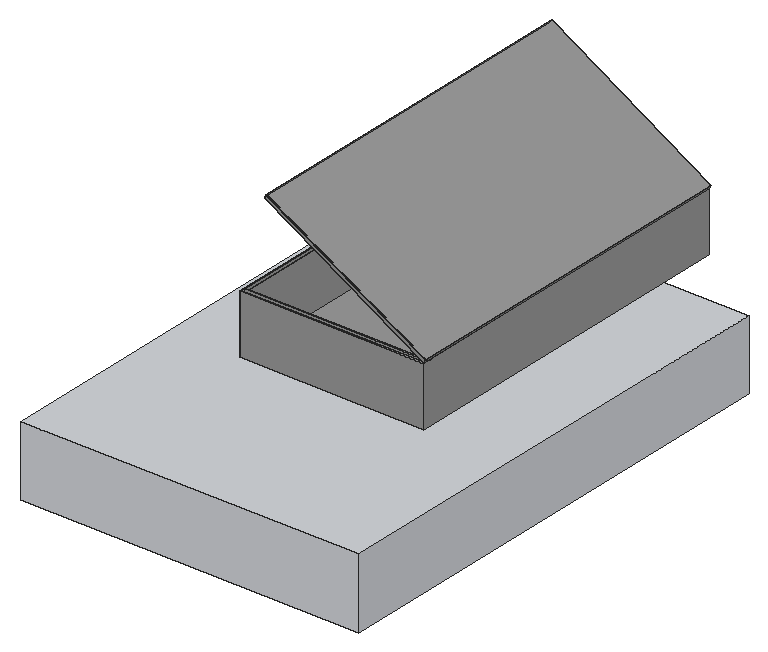
Revit family "Hager-Univers-IP55-D275-H1550-Cl.I-Steel_encl-DE-de", category Equipement électrique, Revit 2020
Family settings
  Hôte = Face
  Configuration du panneau = Deux colonnes, circuits au sein
  Cote de connecteur circulaire = Utiliser le diamètre
  Type d'élément = Tableau de raccordement
  Couper avec des vides une fois chargée = Non
  Partagée = Non
  Point de calcul de pièce = Non
Parameters (values of type "Aufputz IP55 B800 H1550 T275  - FR03E")
  Width Control [instance] = if([EF000008 - Breite] > Min Width, [EF000008 - Breite], Min Width)  # 800 mm
  Commentaires du type = [HG000003 - Bereich]  # "Univers"
  Thickness Door [instance] = if([EF009171 - Materialstärke Tür/Deckel] > 3 mm, 3 mm, [EF009171 - Materialstärke Tür/Deckel])  # 1.5 mm
  Seal Frame Offset [instance] = 17 mm  # constant formula
  Plinth Visibility [instance] = [HG000027 - Sockelhöhe] > 0 mm  # no
  Model = ""
  Min Width [instance] = 100 mm  # constant formula
  Min Height [instance] = 100 mm  # constant formula
  Min Depth [instance] = (2 * [EF009170 - Materialstärke Gehäuse]) + 1 mm  # 4 mm
  Internal Frame Depth [instance] = (Door System Depth * 0.5)  # 9 mm
  Height Control [instance] = if([EF000040 - Höhe] > Min Height, [EF000040 - Höhe], Min Height)  # 1550 mm
  HG000027 - Sockelhöhe = 0 mm
  HG000026 - Stehend auf dem Boden = no
  HG000024 - Höhe des unteren Teils = 800 mm
  HG000023 - Gehäuse mit doppeltem Querschnitt = no
  HG000016 - 3D-Türsichtbarkeit [instance] = yes
  HG000015 - Sichtbarkeit der Türöffnung [instance] = no
  HG000014 - Tür rechts [instance] = yes
  HG000013 - Tür links [instance] = not([HG000014 - Tür rechts])  # no
  HG000012 - Türschwenkwinkel [instance] = 30.00°
  HG000010 - Asymmetrische Türen = no
  HG000009 - Doppelflügeligen Tür = no
  HG000006 - Unterputz = no
  HG000004 - Herstellerreferenz = "FR03E"
  HG000003 - Bereich = "Univers"
  HG000002 - Mit tür = yes
  Frame Offset Bottom [instance] = 10 mm  # constant formula
  Frame Offset [instance] = 15 mm  # constant formula
  EF015940 - Deckel mit Überdruckentlastung = no
  EF011959 - Schutzart (NEMA) = ""
  EF009554 - Anzahl der Öffnungen für Flanschplatten = 6
  Fabricant = "Hager"  # constant formula
  EF009212 - Ausführung Deckel = "EV000116 - geschlossen"
  EF009171 - Materialstärke Tür/Deckel = 1.5 mm
  EF009170 - Materialstärke Gehäuse = 1.5 mm
  EF008873 - Nennstrom (In) = 800 A
  EF007800 - Geeignet für Blitzschutz = no
  EF006306 - Mit Schloss = no
  EF006244 - Transparenter Deckel/Tür = no
  EF005474 - Schutzart (IP) = "EV006420 - IP55"
  EF004464 - Art der Tür = "EV002646 - Einzel"
  EF004427 - Anzahl der Module = 360
  EF004293 - Schlagfestigkeit = "EV008784 - IK10"
  EF003532 - Geeignet für Außengebrauch = no
  EF002950 - Breite in Teilungseinheiten = 24
  EF001613 - Funktionserhalt = "EV000494 - ohne"
  EF001596 - Werkstoff des Gehäuses = "EV000179 - Stahl"
  EF001131 - Innentiefe = 275 mm
  EF001088 - Anbaumöglichkeit = yes
  EF000437 - Anzahl der Leitungseinführungen = 6
  EF000339 - Art der Abdeckung = "EV004216 - Tür"
  EF000266 - Anzahl der Reihen = 10
  EF000218 - Einbautiefe = 0 mm
  EF000118 - Mit Montageplatte = no
  EF000116 - RAL-Nummer = "7035"
  EF000049 - Tiefe = 275 mm
  EF000040 - Höhe = 1550 mm
  EF000008 - Breite = 800 mm
  EF000007 - Farbe = "EV000270 - grau"
  EF000003 - Montageart = "EV000384 - Aufputz"
  Door System Leaf Tolerance [instance] = 1.5 mm  # constant formula
  Door System Depth [instance] = 18 mm  # constant formula
  Door Height [instance] = Height Control - [HG000027 - Sockelhöhe]  # 1550 mm
  Depth Control [instance] = if([EF000049 - Tiefe] > Min Depth, [EF000049 - Tiefe], Min Depth)  # 275 mm
  Default Elevation = 0 mm
  Connector Offset [instance] = Height Control / 2  # 775 mm
  Bottom Top Plate Trim [instance] = 1.5 mm  # constant formula
  Plinth height Ctrl [instance] = if([HG000027 - Sockelhöhe] > 0 mm, [HG000027 - Sockelhöhe], 12 mm)  # 12 mm
Types (5, lengths in mm): name | Width Control | HG000010 - Asymmetrische Türen | HG000009 - Doppelflügeligen Tür | HG000004 - Herstellerreferenz | EF009554 - Anzahl der Öffnungen für Flanschplatten | EF004464 - Art der Tür | EF004427 - Anzahl der Module | EF000437 - Anzahl der Leitungseinführungen | EF000008 - Breite
  Aufputz IP55 B1050 H1550 T275  - FR04E | 1050 | no | yes | "FR04E" | 8 | "EV003602 - Doppel" | 480 | 8 | 1050
  Aufputz IP55 B1300 H1550 T275  - FR05E | 1300 | yes | yes | "FR05E" | 10 | "EV003602 - Doppel" | 600 | 10 | 1300
  Aufputz IP55 B300 H1550 T275  - FR01E | 300 | no | no | "FR01E" | 2 | "EV002646 - Einzel" | 120 | 2 | 300
  Aufputz IP55 B550 H1550 T275  - FR02E | 550 | no | no | "FR02E" | 4 | "EV002646 - Einzel" | 240 | 4 | 550
  Aufputz IP55 B800 H1550 T275  - FR03E | 800 | no | no | "FR03E" | 6 | "EV002646 - Einzel" | 360 | 6 | 800
Reference planes
  plane 1 "Center (Front/Back)": y = 0
  plane 2: z = 0
  plane 3 "Center (Left/Right)": x = 0
  plane 4: z = 275
  plane 5: y = 1.5
  plane 6: y = 775
  plane 7: y = 0
  plane 8: y = 1550
  plane 9: z = 0
  plane 10: x = -385
  plane 11: x = 385
  plane 12: x = 383.5
  plane 13: x = -383.5
  plane 14: y = 1548.5
  plane 15: x = -383
  plane 16: x = -400
  plane 17: x = 383
  plane 18: x = 400
  plane 19: x = 398.5
  plane 20: x = -398.5
  plane 21: y = 11.5
  plane 22: y = 1550
  plane 23: y = 1533.5
  plane 24: z = 257
  plane 25: z = 1.5
  plane 26: z = 255.5
  plane 27: z = 273.5
Forms (mm)
  Extrusion 1, solid
    sketch origin (0, 0, 0) x (1, 0, 0) y (0, 1, 0)
      loop
        line (-702.964, 1305) -> (-702.964, -811.445) -> (766.763, -811.445) -> (766.763, 1305) -> (-702.964, 1305)
    from 0 to -304.8
  Extrusion 2, solid, material "Hager_Steel_RAL7035_Light_Grey", visible <- "Plinth Visibility", detail levels medium+fine
    sketch origin (0, 0, 0) x (1, 0, 0) y (0, 1, 0)
      loop
        line (-400, 0) -> (400, 0) -> (400, 12) -> (-400, 12) -> (-400, 0)
    from 0 to 257
  Extrusion 3, solid, material "Hager_Steel_RAL7035_Light_Grey", detail levels medium+fine
    sketch origin (0, 0, 0) x (1, 0, 0) y (0, 1, 0)
      loop
        line (-400, 0) -> (400, 0) -> (400, 1550) -> (-400, 1550) -> (-400, 0)
    from 0 to 257
  Extrusion 4, void
    sketch origin (0, 0, 0) x (1, 0, 0) y (0, 1, 0)
      loop
        line (-398.5, 1.5) -> (398.5, 1.5) -> (398.5, 1548.5) -> (-398.5, 1548.5) -> (-398.5, 1.5)
    from 1.5 to 255.5
  Extrusion 5, void
    sketch origin (-381.607, -4572, 257) x (0, -1, 0) y (-1, 0, 0)
      loop
        line (-4583.5, 1.893) -> (-6105.5, 1.893) -> (-6105.5, -765.107) -> (-4583.5, -765.107) -> (-4583.5, 1.893)
    from 0 to 1.5 <- "EF009170 - Materialstärke Gehäuse"
  Extrusion 6, solid, material "Hager_Steel_RAL7035_Light_Grey", detail levels fine
    sketch origin (0, 0, 257) x (1, 0, 0) y (0, 1, 0)
      loop
        line (-383.5, 1533.5) -> (-383.5, 11.5) -> (383.5, 11.5) -> (383.5, 1533.5) -> (-383.5, 1533.5)
      loop
        line (-385, 10) -> (385, 10) -> (385, 1535) -> (-385, 1535) -> (-385, 10)
    from 0 to 9 <- "Internal Frame Depth"
  Extrusion 7, solid, material "Hager_Steel_RAL7035_Light_Grey", detail levels coarse
    sketch origin (0, 0, 0) x (1, 0, 0) y (0, 1, 0)
      loop
        line (-400, 0) -> (400, 0) -> (400, 1550) -> (-400, 1550) -> (-400, 0)
    from 0 to 275
  Sweep 8, void
    path in 3D
      loop
        line (-400, 12, 0) -> (400, 12, 0) -> (400, 12, 257) -> (-400, 12, 257) -> (-400, 12, 0)
    profile origin (-400, 12, 128.5) x (-1, 0, 0) y (0, -1, 0)
      loop
        line (0, 0) -> (0, 1.5) -> (-1.5, 1.5)
        arc (-1.5, 1.5) -> (-1.061, 0.439) -> (0, 0) r 1.5
Cuts and joins
  Extrusion 4, Extrusion 5 cuts Extrusion 3
  Sweep 8 cuts Extrusion 2
Lines and regions (mm)
  Masking region 1
    outline origin (0, 0, 0) x (1, 0, 0) y (0, 0, 1)
      loop
        line (-400, 275) -> (-400, 0) -> (400, 0) -> (400, 275) -> (-400, 275)
  Masking region 2, detail levels medium+fine
    outline origin (0, 140, 0) x (0, 1, 0) y (0, 0, 1)
      loop
        line (-140, 0) -> (1410, 0) -> (1410, 257) -> (-140, 257) -> (-140, 0)
  Masking region 3, not visible, detail levels medium+fine
    outline origin (0, 297.922, 0) x (0, 1, 0) y (0, 0, 1)
      loop
        line (488.578, 0) -> (528.578, 0) -> (528.578, 263.5)
        arc (528.578, 263.5) -> (525.649, 270.571) -> (518.578, 273.5) r 10
        line (518.578, 273.5) -> (488.578, 273.5) -> (488.578, 0)
  Masking region 4, detail levels coarse
    outline origin (0, 0, 180) x (0, 1, 0) y (0, 0, 1)
      loop
        line (0, -180) -> (1550, -180) -> (1550, 95) -> (0, 95) -> (0, -180)
  Masking region 5, visible <- "Plinth Visibility", detail levels medium+fine
    outline origin (0, 52.24, 12.345) x (0, 0, -1) y (0, 1, 0)
      loop
        line (10.845, -40.24) -> (-243.155, -40.24)
        arc (-243.155, -40.24) -> (-243.594, -41.301) -> (-244.655, -41.74) r 1.5
        line (-244.655, -41.74) -> (-244.655, -52.24) -> (12.345, -52.24) -> (12.345, -41.74)
        arc (12.345, -41.74) -> (11.285, -41.301) -> (10.845, -40.24) r 1.5
  Masking region 6, detail levels medium+fine
    outline origin (-381.607, -4572, 257) x (-1, 0, 0) y (0, -1, 0)
      loop
        line (18.393, -6122) -> (18.393, -4572) -> (-781.607, -4572) -> (-781.607, -6122) -> (18.393, -6122)
  Masking region 7, visible <- "Plinth Visibility", detail levels medium+fine
    outline origin (-381.607, -4727, 257) x (-1, 0, 0) y (0, -1, 0)
      loop
        arc (16.893, -4739) -> (17.332, -4737.939) -> (18.393, -4737.5) r 1.5
        line (18.393, -4737.5) -> (18.393, -4727) -> (-781.607, -4727) -> (-781.607, -4737.5)
        arc (-781.607, -4737.5) -> (-780.546, -4737.939) -> (-780.107, -4739) r 1.5
        line (-780.107, -4739) -> (16.893, -4739)
  Masking region 8, detail levels coarse
    outline origin (-442.548, -4669.526, 257) x (-1, 0, 0) y (0, -1, 0)
      loop
        line (-42.548, -6219.526) -> (-42.548, -4669.526) -> (-842.548, -4669.526) -> (-842.548, -6219.526) -> (-42.548, -6219.526)
  sketch lines
    curve 1: line (-400, 12, 257) -> (-400, 12, 0)
    curve 2: line (400, 12, 257) -> (-400, 12, 257)
    curve 3: line (400, 12, 257) -> (400, 12, 0)
    curve 4: line (-400, 12, 0) -> (400, 12, 0)
Dimensions and locks
  "Depth Control": plane 4 to Extrusion 1
  "HG000027 - Sockelhöhe": plane 1 "Center (Front/Back)" to plane 7
  "EF009170 - Materialstärke Gehäuse": plane 5 to plane 7
  locked: connector elem to plane 3 "Center (Left/Right)"
  equal spacing: plane 8, plane 6, plane 7
  locked: connector elem to plane 6
  "EF009170 - Materialstärke Gehäuse": plane 8 to plane 14
  "EF009170 - Materialstärke Gehäuse": plane 10 to plane 13
  "EF009170 - Materialstärke Gehäuse": plane 12 to plane 11
  "Frame Offset": plane 20 to plane 13
  "Frame Offset": plane 12 to plane 19
  "EF009170 - Materialstärke Gehäuse": plane 16 to plane 20
  "EF009170 - Materialstärke Gehäuse": plane 19 to plane 18
  "Seal Frame Offset": plane 16 to plane 15
  "Seal Frame Offset": plane 17 to plane 18
  "Frame Offset Bottom": plane 21 to plane 5
  "Frame Offset": plane 14 to plane 23
  equal spacing: plane 16, plane 3 "Center (Left/Right)", plane 18
  "Width Control": plane 16 to plane 18
  "EF009170 - Materialstärke Gehäuse": plane 4 to plane 27
  "EF009170 - Materialstärke Gehäuse": plane 24 to plane 26
  "EF009170 - Materialstärke Gehäuse": plane 25 to level
  "Door System Depth": plane 4 to plane 24
  "Height Control": plane 1 "Center (Front/Back)" to Extrusion 7 sketch curve
  "Height Control": Masking region 4 sketch curve to plane 1 "Center (Front/Back)"
  "Height Control": plane 1 "Center (Front/Back)" to plane 22
  "Bottom Top Plate Trim": profile plane to Sweep 8 sketch curve
  "Bottom Top Plate Trim": Sweep 8 sketch curve to profile plane
  "Plinth height Ctrl": plane 1 "Center (Front/Back)" to Extrusion 2 sketch curve
  "Plinth height Ctrl": Masking region 5 sketch curve to plane 1 "Center (Front/Back)"
  "Plinth height Ctrl": plane 1 "Center (Front/Back)" to Masking region 7 sketch curve
  "Thickness Door": Extrusion 6 sketch curve to Extrusion 6 sketch curve  (x3)
  "Thickness Door": cut or joined group of Extrusion 3, Extrusion 4, Extrusion 5 to Extrusion 6 sketch curve
  radius of Masking region 3 sketch curve = 10 mm
  "Bottom Top Plate Trim": radius of Masking region 5 sketch curve  (x2)
  "Bottom Top Plate Trim": radius of Sweep 8 sketch curve
  "Bottom Top Plate Trim": radius of Masking region 7 sketch curve  (x2)
  aligned and locked: plane 2 to Extrusion 1
  aligned and locked: level to Extrusion 1
  aligned and locked: level to Masking region 1 sketch curve
  aligned and locked: Masking region 1 sketch curve to plane 18
  aligned and locked: Masking region 1 sketch curve to plane 16
  aligned and locked: plane 7 to Masking region 2 sketch curve
  aligned and locked: level to Masking region 3 sketch curve
  aligned and locked: Masking region 3 sketch curve to plane 27
  aligned and locked: level to Masking region 2 sketch curve
  aligned and locked: plane 1 "Center (Front/Back)" to Extrusion 2 sketch curve
  aligned and locked: Extrusion 3 sketch curve to plane 7
  aligned and locked: plane 16 to Extrusion 3 sketch curve
  aligned and locked: plane 18 to Extrusion 3 sketch curve
  aligned and locked: plane 20 to Extrusion 4 sketch curve
  aligned and locked: plane 19 to Extrusion 4 sketch curve
  aligned and locked: Extrusion 4 sketch curve to plane 5
  aligned and locked: Extrusion 4 to plane 25
  aligned and locked: plane 26 to Extrusion 4
  aligned and locked: plane 24 to Extrusion 3
  aligned and locked: Extrusion 5 sketch curve to plane 21
  aligned and locked: Extrusion 5 sketch curve to plane 13
  aligned and locked: Extrusion 5 sketch curve to plane 12
  aligned and locked: plane 18 to Extrusion 7 sketch curve
  aligned and locked: plane 1 "Center (Front/Back)" to Extrusion 7 sketch curve
  aligned and locked: plane 16 to Extrusion 7 sketch curve
  aligned and locked: plane 4 to Extrusion 7
  aligned and locked: Extrusion 7 to level
  aligned and locked: level to Masking region 4 sketch curve
  aligned and locked: Masking region 4 sketch curve to plane 1 "Center (Front/Back)"
  aligned and locked: Masking region 4 sketch curve to plane 4
  aligned and locked: nested 1 to level
  aligned and locked: nested 1 to plane 16
  aligned and locked: plane 8 to Extrusion 3 sketch curve
  aligned and locked: plane 23 to Extrusion 5 sketch curve
  aligned and locked: plane 14 to Extrusion 4 sketch curve
  aligned and locked: Masking region 2 sketch curve to plane 8
  aligned and locked: level to Masking region 5 sketch curve
  aligned and locked: plane 16 to Extrusion 2 sketch curve
  aligned and locked: plane 18 to Extrusion 2 sketch curve
  aligned and locked: Masking region 5 sketch curve to plane 24
  aligned and locked: Masking region 2 sketch curve to plane 24
  aligned and locked: plane 24 to Extrusion 2
  aligned and locked: profile plane to Sweep 8 sketch curve  (x2)
  aligned and locked: Masking region 6 sketch curve to plane 18
  aligned and locked: Masking region 6 sketch curve to plane 22
  aligned and locked: Masking region 6 sketch curve to plane 16
  aligned and locked: plane 8 to plane 22
  aligned and locked: Masking region 6 sketch curve to plane 7
  aligned and locked: Masking region 7 sketch curve to plane 16
  aligned and locked: Masking region 7 sketch curve to plane 1 "Center (Front/Back)"
  aligned and locked: Masking region 7 sketch curve to plane 18
  aligned and locked: Masking region 8 sketch curve to plane 1 "Center (Front/Back)"
  aligned and locked: Masking region 8 sketch curve to plane 18
  aligned and locked: Masking region 8 sketch curve to plane 22
  aligned and locked: Masking region 8 sketch curve to plane 16
  aligned and locked: nested 2 to plane 7
  aligned and locked: plane 3 "Center (Left/Right)" to nested 2
  aligned and locked: nested 2 to plane 24
  aligned and locked: Extrusion 6 sketch curve to cut or joined group of Extrusion 3, Extrusion 4, Extrusion 5  (x4)
Automatic sketch dimensions
  Extrusion 1 sketch curve to Extrusion 1 sketch curve = 1469.727 mm
  Extrusion 1 sketch curve to Extrusion 1 sketch curve = 2116.445 mm
  Masking region 1 sketch curve to plane 4 = 0 mm
  plane 6 to Masking region 3 sketch curve = 11.5 mm
  Masking region 3 sketch curve to Masking region 3 sketch curve = 30 mm
  Masking region 5 sketch curve to plane 1 "Center (Front/Back)" = 0 mm
Nested families
  nested 1: "Hager_Enclosure_Symbol" at (-400, 0, 0) x (1, 0, 0) z (0, -1, 0), Height <- "Depth Control", Width <- "Width Control", type "Hager_Enclosure_Symbol"
    with Width_Ctrl 800 mm, Width 800 mm, Height_Ctrl 275 mm, Height 275 mm, A_Width_Int 18.047 mm, A_Width 216.562 mm, A_Height_Ctrl 240.625 mm, A_Height 240.625 mm
  nested 2: "EC000058_Univers_Door" at (0, 0, 257) x (1, 0, 0) z (0, 1, 0), Leaf_Tolerance <- "Door System Leaf Tolerance", Angle <- "HG000012 - Türschwenkwinkel", Door_Depth <- "Door System Depth", Door_Left <- "HG000013 - Tür links", Transparent <- "EF006244 - Transparenter Deckel/Tür", Assymetrical <- "HG000010 - Asymmetrische Türen", Width <- "Width Control", Clearance <- "HG000015 - Sichtbarkeit der Türöffnung", Double <- "HG000009 - Doppelflügeligen Tür", 3d_Door <- "HG000016 - 3D-Türsichtbarkeit", Lock_Visibility <- "EF006306 - Mit Schloss", Width_Ctrl <- "Width Control", Door_Right <- "HG000014 - Tür rechts", Door <- "HG000002 - Mit tür", Height <- "Door Height", Thickness <- "Thickness Door", type "EC000058_Univers_Door", detail levels medium+fine
    with min_wh 4 mm, Width_Ctrl 800 mm, Width 800 mm, Transparent no, Thickness 1.5 mm, Seal_Material Hager_Rubber, Lock_Visibility no, Lock_Material Hager_Plastic_RAL9005_Jet_Black, Leaf_Width 800 mm, Leaf_Tolerance_External_Sides 0 mm, Leaf_Tolerance 1.5 mm, Leaf_Offset 0 mm, Leaf_Height 1547 mm, Leaf_2_Width 800 mm, Leaf_2_Offset 400 mm, Leaf_1_Width 800 mm, Leaf_1_Offset 400 mm, Height_Ctrl 1550 mm, Height 1550 mm, Glass_Material Hager_Glass, Double_Clearance_Ctrl no, Double no, Door_Right_Ctrl yes, Door_Right yes, Door_Material Hager_Steel_RAL7035_Light_Grey, Door_Left_Ctrl no, Door_Left no, Door_Depth 18 mm, Door yes, Clearance_Material Hager_Clearance, Clearance_Depth 800 mm, Clearance_Ctrl no, Clearance no, Assymetrical no, Angle 30.00°, 3d_Door yes
Connectors
  electrical at (0, 775, 0)
    settings: on plane 9, index 1, voltage 0 V, apparent load 0 VA, apparent load phase1 0 VA, apparent load phase2 0 VA, apparent load phase3 0 VA, power factor 1, load classification "Other", number of poles 1, system type 30, power factor state 1, is connector primary yes, connector utility no, sub classification motor no, connector description ""
Definition of nested family "EC000058_Univers_Door"
  Parameters (values of type "EC000058_Univers_Door")
    min_wh [instance] = (2 * Thickness) + 1 mm  # 11 mm
    Width_Ctrl [instance] = 400 mm
    Width [instance] = 500 mm
    Transparent [instance] = yes
    Thickness [instance] = 5 mm
    Seal_Material [instance] = none
    Lock_Visibility [instance] = yes
    Lock_Material [instance] = none
    Leaf_Width [instance] = if((Width_Ctrl - 2 * Leaf_Tolerance_External_Sides) > 0 mm, (Width_Ctrl - 2 * Leaf_Tolerance_External_Sides), min_wh)  # 400 mm
    Leaf_Tolerance_External_Sides [instance] = 0 mm  # constant formula
    Leaf_Tolerance [instance] = 1.5 mm
    Leaf_Offset [instance] = 0 mm  # constant formula
    Leaf_Height [instance] = if((Height_Ctrl - 2 * Leaf_Tolerance) > 0 mm, (Height_Ctrl - 2 * Leaf_Tolerance), min_wh)  # 497 mm
    Leaf_2_Width [instance] = if(and(and(Double, Assymetrical), Door_Left), (Leaf_Width / 3) - (Leaf_Tolerance / 2), if(and(and(Double, Assymetrical), Door_Right), (Leaf_Width / 3) * 2 - (Leaf_Tolerance / 2), if(and(Double, not(Assymetrical)), (Leaf_Width / 2) - Leaf_Tolerance, Leaf_Width)))  # 400 mm
    Leaf_2_Offset [instance] = if(and(Double, Assymetrical), Leaf_2_Width / 2, if(and(Double, not(Assymetrical)), Leaf_Width / 4, Leaf_Width / 2))  # 200 mm
    Leaf_1_Width [instance] = if(and(and(Double, Assymetrical), Door_Right), (Leaf_Width / 3) - (Leaf_Tolerance / 2), if(and(and(Double, Assymetrical), Door_Left), (Width / 3) * 2 - (Leaf_Tolerance / 2), if(and(Double, not(Assymetrical)), (Leaf_Width / 2) - Leaf_Tolerance, Leaf_Width)))  # 400 mm
    Leaf_1_Offset [instance] = if(and(Double, Assymetrical), Leaf_1_Width / 2, if(and(Double, not(Assymetrical)), Leaf_Width / 4, Leaf_Width / 2))  # 200 mm
    Height_Ctrl [instance] = if(Height > min_wh, Height, min_wh)  # 500 mm
    Height [instance] = 500 mm
    Glass_Material [instance] = none
    Double_Clearance_Ctrl [instance] = and(Double, Clearance)  # no
    Double [instance] = no
    Door_Right_Ctrl [instance] = and(or(Door_Right, Double), Door)  # yes
    Door_Right [instance] = yes
    Door_Material [instance] = none
    Door_Left_Ctrl [instance] = and(or(Door_Left, Double), Door)  # no
    Door_Left [instance] = no
    Door_Depth [instance] = 30 mm
    Door [instance] = yes
    Default Elevation = 1219.2 mm
    Clearance_Material [instance] = none
    Clearance_Depth [instance] = if(Leaf_1_Width > Leaf_2_Width, Leaf_1_Width, Leaf_2_Width)  # 400 mm
    Clearance_Ctrl [instance] = and(not(Double), Clearance)  # yes
    Clearance [instance] = yes
    Assymetrical [instance] = yes
    Angle [instance] = 30.00°
    3d_Door [instance] = yes
  Reference planes
    plane 1 "Center (Front/Back)": y = 0
    plane 2 "Bottom": z = 0
    plane 3 "Center (Left/Right)": x = 0
    plane 4: z = 500
    plane 5: x = -200
    plane 6: x = 200
    plane 7: z = 500
    plane 8: x = -200
    plane 9: z = 0
    plane 10: x = 200
    plane 11: y = 0
    plane 12: z = 1.5
    plane 13: x = -600
    plane 14: y = -400
    plane 15: x = 600
    plane 16: x = 0
    plane 17: x = 0
    plane 18: x = -200
    plane 19: x = 200
    plane 20: z = 498.5
  Forms (mm)
    Extrusion 1, solid, material <- "Clearance_Material", visible <- "Double_Clearance_Ctrl"
      sketch origin (1200, 0, 0) x (1, 0, 0) y (0, 0, -1)
        loop
          line (-1800, -498.5) -> (-600, -498.5) -> (-600, 0) -> (-1800, 0) -> (-1800, -498.5)
      from 0 to -400
  Dimensions and locks
    equal spacing: plane 5, plane 3 "Center (Left/Right)", plane 6
    "Width_Ctrl": plane 5 to plane 6
    "Leaf_Offset": plane 5 to plane 8
    "Leaf_Offset": plane 6 to plane 10
    "Leaf_Offset": plane 9 to level
    "Leaf_Offset": plane 4 to plane 7
    "Height_Ctrl": plane 4 to level
    "Leaf_Tolerance": plane 12 to plane 9
    locked: plane 11 to plane 1 "Center (Front/Back)"
    "Leaf_1_Offset": plane 18 to plane 16
    "Leaf_2_Offset": plane 17 to plane 19
    "Leaf_1_Width": plane 13 to plane 8
    "Leaf_2_Width": plane 10 to plane 15
    "Clearance_Depth": plane 14 to plane 1 "Center (Front/Back)"
    "Leaf_Tolerance_External_Sides": plane 8 to plane 18
    "Leaf_Tolerance_External_Sides": plane 19 to plane 10
    "Leaf_Tolerance": plane 7 to plane 20
    aligned and locked: level to plane 2 "Bottom"
    aligned and locked: nested 1 to plane 16
    aligned and locked: nested 2 to plane 17
    aligned and locked: Extrusion 1 to plane 13
    aligned and locked: plane 15 to Extrusion 1
    aligned and locked: Extrusion 1 to plane 14
    aligned and locked: plane 12 to nested 1
    aligned and locked: nested 2 to plane 12
    aligned and locked: Extrusion 1 to plane 11
    aligned and locked: plane 20 to Extrusion 1
    aligned and locked: nested 2 to plane 11
    aligned and locked: nested 1 to plane 11
  Automatic sketch dimensions
    Extrusion 1 sketch curve to level = 0 mm
    plane 5 to Extrusion 1 sketch curve = 400 mm
    plane 6 to Extrusion 1 sketch curve = 400 mm
    Extrusion 1 sketch curve to plane 4 = 1.5 mm
  Nested families
    nested 1: "EC000058_Univers_Door_Leaf" at (0, 0, 1.5), Width <- "Leaf_1_Width", visible <- "Door_Left_Ctrl", Leaf_Height <- "Leaf_Height", Angle <- "Angle", 3d_Door <- "3d_Door", Transparent <- "Transparent", Clearance Material <- "Clearance_Material", Clearance <- "Clearance_Ctrl", Door_Material <- "Door_Material", Glass_Material <- "Glass_Material", Door_Depth <- "Door_Depth", Lock_Material <- "Lock_Material", Seal_Material <- "Seal_Material", Lock_Visibility <- "Lock_Visibility", Thickness <- "Thickness", type "EC000058_Univers_Door_Leaf"
      with Width 400 mm, Transparent_Glass_Offset 30 mm, Transparent_Ctrl yes, Transparent yes, Thickness 5 mm, Standard no, Seal_Material none, Seal_D2 8 mm, Seal_D1 1 mm, Offset_Internal_Frame 10 mm, Lock_Width 20 mm, Lock_Visibility_3d yes, Lock_Visibility yes, Lock_Thickness_3 3 mm, Lock_Thickness_2 1 mm, Lock_Thickness_1 3 mm, Lock_Radius_Offset_2 16 mm, Lock_Radius_Offset_1 15 mm, Lock_Radius_2 5 mm, Lock_Radius 6 mm, Lock_Offset 5 mm, Lock_Material none, Lock_Height 80 mm, Lock_Cover_Top_Offset_2d 17 mm, Lock_Cover_Height -65 mm, Leaf_Height 497 mm, Internal_Seal_Thickness 8 mm, Internal_Seal_Depth_2 4.5 mm, Internal_Frame_Depth 25 mm, Glass_Thickness -1 mm, Glass_Offset -2 mm, Glass_Material none, Door_Material none, Door_Depth 30 mm, Clearance Material none, Clearance yes, Angle_Ctrl 30.00°, Angle 30.00°, 3d_Door yes
    nested 2: "EC000058_Univers_Door_Leaf" at (0, 0, 1.5) x (-1, 0, 0) z (0, 0, 1), Width <- "Leaf_2_Width", visible <- "Door_Right_Ctrl", Leaf_Height <- "Leaf_Height", Angle <- "Angle", 3d_Door <- "3d_Door", Transparent <- "Transparent", Clearance Material <- "Clearance_Material", Clearance <- "Clearance_Ctrl", Door_Material <- "Door_Material", Glass_Material <- "Glass_Material", Door_Depth <- "Door_Depth", Lock_Material <- "Lock_Material", Seal_Material <- "Seal_Material", Lock_Visibility <- "Lock_Visibility", Thickness <- "Thickness", type "EC000058_Univers_Door_Leaf"
      with Width 400 mm, Transparent_Glass_Offset 30 mm, Transparent_Ctrl yes, Transparent yes, Thickness 5 mm, Standard no, Seal_Material none, Seal_D2 8 mm, Seal_D1 1 mm, Offset_Internal_Frame 10 mm, Lock_Width 20 mm, Lock_Visibility_3d yes, Lock_Visibility yes, Lock_Thickness_3 3 mm, Lock_Thickness_2 1 mm, Lock_Thickness_1 3 mm, Lock_Radius_Offset_2 16 mm, Lock_Radius_Offset_1 15 mm, Lock_Radius_2 5 mm, Lock_Radius 6 mm, Lock_Offset 5 mm, Lock_Material none, Lock_Height 80 mm, Lock_Cover_Top_Offset_2d 17 mm, Lock_Cover_Height -65 mm, Leaf_Height 497 mm, Internal_Seal_Thickness 8 mm, Internal_Seal_Depth_2 4.5 mm, Internal_Frame_Depth 25 mm, Glass_Thickness -1 mm, Glass_Offset -2 mm, Glass_Material none, Door_Material none, Door_Depth 30 mm, Clearance Material none, Clearance yes, Angle_Ctrl 30.00°, Angle 30.00°, 3d_Door yes
  Definition of nested family "EC000058_Univers_Door_Leaf"
    Parameters (values of type "EC000058_Univers_Door_Leaf")
      Width [instance] = 2000 mm
      Transparent_Glass_Offset [instance] = 30 mm
      Transparent_Ctrl [instance] = and(Transparent, [3d_Door])  # yes
      Transparent [instance] = yes
      Thickness [instance] = 5 mm
      Standard [instance] = and(not(Transparent), [3d_Door])  # no
      Seal_Material [instance] = none
      Seal_D2 [instance] = 8 mm  # constant formula
      Seal_D1 [instance] = 1 mm  # constant formula
      Offset_Internal_Frame [instance] = 10 mm  # constant formula
      Lock_Width [instance] = 20 mm  # constant formula
      Lock_Visibility_3d [instance] = and(Lock_Visibility, [3d_Door])  # yes
      Lock_Visibility [instance] = yes
      Lock_Thickness_3 [instance] = 3 mm  # constant formula
      Lock_Thickness_2 [instance] = 1 mm  # constant formula
      Lock_Thickness_1 [instance] = 3 mm  # constant formula
      Lock_Radius_Offset_2 [instance] = Lock_Radius_Offset_1 + 1 mm  # 16 mm
      Lock_Radius_Offset_1 [instance] = 15 mm  # constant formula
      Lock_Radius_2 [instance] = Lock_Radius - 1 mm  # 5 mm
      Lock_Radius [instance] = 6 mm  # constant formula
      Lock_Offset [instance] = 5 mm  # constant formula
      Lock_Material [instance] = none
      Lock_Height [instance] = 80 mm  # constant formula
      Lock_Cover_Top_Offset_2d [instance] = Lock_Radius_Offset_2 + 1 mm  # 17 mm
      Lock_Cover_Height [instance] = -(Lock_Height - Lock_Radius_Offset_1)  # -65 mm
      Leaf_Height [instance] = 2720.336 mm
      Internal_Seal_Thickness [instance] = 8 mm  # constant formula
      Internal_Seal_Depth_2 [instance] = 4.5 mm  # constant formula
      Internal_Frame_Depth [instance] = if(Door_Depth - Thickness > 5 mm, Door_Depth - Thickness, 5 mm)  # 25 mm
      Glass_Thickness [instance] = if(Thickness > 15 mm, Glass_Offset + 10 mm, -1 mm)  # -1 mm
      Glass_Offset [instance] = if(Thickness > 15 mm, -(Thickness + 10 mm) / 2, -2 mm)  # -2 mm
      Glass_Material [instance] = none
      Door_Material [instance] = none
      Door_Depth [instance] = 30 mm
      Default Elevation = 0 mm
      Clearance Material [instance] = none
      Clearance [instance] = yes
      Angle_Ctrl [instance] = if(Angle > 180.00°, 180.00°, Angle)  # 90.00°
      Angle [instance] = 90.00°
      3d_Door [instance] = yes
    Reference planes
      plane 1 "Center (Front/Back)": y = 0
      plane 2: z = 0
      plane 3 "Center (Left/Right)": x = 0
      plane 4: y = 2000
      plane 5: x = -1000
      plane 6: x = 1000
      plane 7: x = -3000
      plane 8: z = 2720.336
      plane 9: z = 30
      plane 10: z = 2690.336
      plane 11: x = 970
      plane 12: x = -970
      plane 13: y = -3
      plane 14: z = 107.833
      plane 15: y = -5
      plane 16: y = -223.314
      plane 17: x = -1000
      plane 18: z = 1360.168
      plane 19: y = 30
    Forms (mm)
      Extrusion 1, solid, material <- "Clearance Material", visible <- "Clearance"
        sketch origin (0, 0, 0) x (1, 0, 0) y (0, 0, 1)
          loop
            line (-3000, 2720.336) -> (-3000, 0) -> (1000, 0) -> (1000, 2720.336) -> (-3000, 2720.336)
        from 0 to -2000
      Extrusion 2, solid, material <- "Door_Material", visible <- "Standard", detail levels medium+fine
        sketch origin (-1000, 0, 0) x (0, 1, 0) y (-1, 0, 0)
          loop
            line (0, 30) -> (0, 25) -> (2000, 25) -> (2000, 30) -> (0, 30)
        from 0 to 2720.336 <- "Leaf_Height"
      Extrusion 3, solid, material <- "Door_Material", visible <- "Transparent_Ctrl", detail levels medium+fine
        sketch origin (-1000, 0, 0) x (0, 1, 0) y (-1, 0, 0)
          loop
            line (0, 25) -> (2000, 25) -> (2000, 30) -> (0, 30) -> (0, 25)
        from 0 to 2720.336 <- "Leaf_Height"
      Extrusion 4, void
        sketch origin (-1025, 2000, 0) x (0, 1, 0) y (0, 0, -1)
          loop
            line (-30, -2690.336) -> (-30, -30) -> (-1970, -30) -> (-1970, -2690.336) -> (-30, -2690.336)
        from 0 to 5 <- "Thickness"
      Sweep 5, solid, material <- "Seal_Material", visible <- "Transparent_Ctrl", detail levels fine
        path in 3D
          loop
            line (-1025, 30, 30) -> (-1025, 30, 2690.336) -> (-1025, 1970, 2690.336) -> (-1025, 1970, 30) -> (-1025, 30, 30)
        profile origin (-1025, 1000, 30) x (1, 0, 0) y (0, 0, 1)
          loop
            line (0, 0) -> (0, -8) -> (1, -8) -> (1, 0) -> (0, 0)
      Extrusion 6, solid, material <- "Glass_Material", visible <- "Transparent_Ctrl", detail levels medium+fine
        sketch origin (-1030, 0, 0) x (0, 1, 0) y (0, 0, -1)
          loop
            line (1970, -2690.336) -> (1970, -30) -> (30, -30) -> (30, -2690.336) -> (1970, -2690.336)
        from -2 <- "Glass_Offset" to -1 <- "Glass_Thickness"
      Extrusion 7, solid, material <- "Door_Material", visible <- "3d_Door", detail levels medium+fine
        sketch origin (-1025, 2000, 0) x (0, -1, 0) y (0, 0, -1)
          loop
            line (0, -2720.336) -> (2000, -2720.336) -> (2000, 0) -> (0, 0) -> (0, -2720.336)
          loop
            line (1995, -5) -> (5, -5) -> (5, -2715.336) -> (1995, -2715.336) -> (1995, -5)
        from 0 to 25 <- "Internal_Frame_Depth"
      Sweep 8, solid, material <- "Seal_Material", visible <- "Transparent_Ctrl", detail levels fine
        path in 3D
          loop
            line (-1025, 0, 0) -> (-1025, 2000, 0) -> (-1025, 2000, 2720.336) -> (-1025, 0, 2720.336) -> (-1025, 0, 0)
        profile origin (-1025, 0, 1360.168) x (1, 0, 0) y (0, 1, 0)
          loop
            line (0, 10) -> (2.975, 10)
            arc (2.975, 10) -> (4.053, 10.447) -> (4.5, 11.525) r 1.525
            line (4.5, 11.525) -> (4.5, 16.527)
            arc (4.5, 16.527) -> (4.069, 17.569) -> (3.027, 18) r 1.473
            line (3.027, 18) -> (0, 18) -> (0, 10)
      Extrusion 9, solid, material <- "Lock_Material", visible <- "Lock_Visibility_3d", detail levels fine
        sketch origin (-1030, 0, 0) x (0, 1, 0) y (0, 0, -1)
          loop
            arc (1993.5, -1400.168) -> (1994.561, -1399.729) -> (1995, -1398.668) r 1.5
            line (1995, -1398.668) -> (1995, -1320.168) -> (1975, -1320.168) -> (1975, -1398.668)
            arc (1975, -1398.668) -> (1975.439, -1399.729) -> (1976.5, -1400.168) r 1.5
            line (1976.5, -1400.168) -> (1993.5, -1400.168)
        from 3 <- "Lock_Thickness_1" to 0
      Blend 10, solid, material <- "Lock_Material", visible <- "Lock_Visibility_3d", detail levels fine
        base sketch origin (-1033, 0, 0) x (0, 1, 0) y (0, 0, -1)
          loop
            line (1975, -1320.168) -> (1975, -1398.668)
            arc (1975, -1398.668) -> (1975.439, -1399.729) -> (1976.5, -1400.168) r 1.5
            line (1976.5, -1400.168) -> (1993.5, -1400.168)
            arc (1993.5, -1400.168) -> (1994.561, -1399.729) -> (1995, -1398.668) r 1.5
            line (1995, -1398.668) -> (1995, -1320.168) -> (1975, -1320.168)
        top sketch origin (-1033, 0, 0) x (0, 1, 0) y (0, 0, -1)
          loop
            line (1976, -1320.168) -> (1976, -1398.668)
            arc (1976, -1398.668) -> (1976.146, -1399.022) -> (1976.5, -1399.168) r 0.5
            line (1976.5, -1399.168) -> (1993.5, -1399.168)
            arc (1993.5, -1399.168) -> (1993.854, -1399.022) -> (1994, -1398.668) r 0.5
            line (1994, -1398.668) -> (1994, -1320.168) -> (1976, -1320.168)
        from 0 to 1 <- "Lock_Thickness_2"
      Blend 11, solid, material <- "Lock_Material", visible <- "Lock_Visibility_3d", detail levels fine
        base sketch origin (-1034, 0, 0) x (0, 1, 0) y (0, 0, -1)
          loop
            line (1978, -1320.168) -> (1978, -1384.168)
            arc (1978, -1384.168) -> (1985, -1391.168) -> (1992, -1384.168) r 7
            line (1992, -1384.168) -> (1992, -1320.168) -> (1978, -1320.168)
        top sketch origin (-1034, 0, 0) x (0, 1, 0) y (0, 0, -1)
          loop
            line (1991, -1320.168) -> (1979, -1320.168) -> (1979, -1383.168)
            arc (1979, -1383.168) -> (1985, -1389.168) -> (1991, -1383.168) r 6
            line (1991, -1383.168) -> (1991, -1320.168)
        from 0 to 3 <- "Lock_Thickness_3"
      Extrusion 12, solid, material <- "Lock_Material", visible <- "Lock_Visibility_3d", detail levels fine
        sketch origin (-1030, 1975, 1320.168) x (1, 0, 0) y (0, -1, 0)
          loop
            line (-7, -19) -> (-7, -1) -> (0, -1) -> (0, 0) -> (-8, 0) -> (-8, -20) -> (0, -20) -> (0, -19) -> (-7, -19)
        from 0 to -65 <- "Lock_Cover_Height"
      Extrusion 13, void
        sketch origin (-1038, 1995, 1320.168) x (-1, 0, 0) y (0, 0, -1)
          loop
            line (-5, -65) -> (0, -65) -> (-5, -60) -> (-5, -65)
        from 0 to 20 <- "Lock_Width"
      Extrusion 14, void
        sketch origin (-1038, 1975, 1320.168) x (0, -1, 0) y (0, 0, -1)
          loop
            circle (-10, -15.995) r 6
          loop
            circle (-10, -15.995) r 5
        from 0 to 2
      Extrusion 15, solid, material <- "Lock_Material", visible <- "Lock_Visibility_3d", detail levels medium
        sketch origin (-1030, 0, 0) x (0, 1, 0) y (0, 0, -1)
          loop
            arc (1993.5, -1400.168) -> (1994.561, -1399.729) -> (1995, -1398.668) r 1.5
            line (1995, -1398.668) -> (1995, -1320.168) -> (1975, -1320.168) -> (1975, -1398.668)
            arc (1975, -1398.668) -> (1975.439, -1399.729) -> (1976.5, -1400.168) r 1.5
            line (1976.5, -1400.168) -> (1993.5, -1400.168)
        from 8 to 0
    Cuts and joins
      Extrusion 4 cuts Extrusion 3
      Extrusion 13, Extrusion 14 cuts Extrusion 9
      Extrusion 14 cuts Blend 11
      Extrusion 13, Extrusion 14 cuts Extrusion 12
      joined: Extrusion 9, Blend 10, Blend 11, Extrusion 12
      Extrusion 14 cuts Extrusion 15
    Lines and regions (mm)
      Masking region 1, visible <- "Lock_Visibility", detail levels fine
        outline origin (0, 0, 0) x (0, 1, 0) y (0, 0, 1)
          loop
            line (30, 1320.168) -> (33, 1320.168) -> (33, 1400.168) -> (30, 1400.168) -> (30, 1320.168)
      Masking region 2, visible <- "Lock_Visibility", detail levels fine
        outline origin (0, 3.143, 0) x (0, 1, 0) y (0, 0, 1)
          loop
            line (29.857, 1354.168) -> (30.857, 1354.168) -> (30.857, 1366.168) -> (29.857, 1366.168) -> (29.857, 1354.168)
      Masking region 3, detail levels medium+fine
        outline origin (0, 0, 0) x (0, 1, 0) y (0, 0, 1)
          loop
            line (0, 0) -> (30, 0) -> (30, 2720.336) -> (0, 2720.336) -> (0, 0)
      Masking region 4, detail levels medium+fine
        outline origin (0, 0, 0) x (1, 0, 0) y (0, 0, 1)
          loop
            line (-1000, 2720.336) -> (-1000, 0) -> (1000, 0) -> (1000, 2720.336) -> (-1000, 2720.336)
      Masking region 5, visible <- "Lock_Visibility", detail levels fine
        outline origin (-47.116, 0, 0) x (1, 0, 0) y (0, 0, 1)
          loop
            arc (1024.616, 1399.168) -> (1023.556, 1398.729) -> (1023.116, 1397.668) r 1.5
            line (1023.116, 1397.668) -> (1023.116, 1320.168) -> (1041.116, 1320.168) -> (1041.116, 1397.668)
            arc (1041.116, 1397.668) -> (1040.677, 1398.729) -> (1039.616, 1399.168) r 1.5
            line (1039.616, 1399.168) -> (1024.616, 1399.168)
      Masking region 6, visible <- "Lock_Visibility", detail levels medium+fine
        outline origin (-25, 0, 0) x (1, 0, 0) y (0, 0, 1)
          loop
            arc (1001.5, 1400.168) -> (1000.439, 1399.729) -> (1000, 1398.668) r 1.5
            line (1000, 1398.668) -> (1000, 1320.168) -> (1020, 1320.168) -> (1020, 1398.668)
            arc (1020, 1398.668) -> (1019.561, 1399.729) -> (1018.5, 1400.168) r 1.5
            line (1018.5, 1400.168) -> (1001.5, 1400.168)
      Masking region 7, visible <- "Lock_Visibility", detail levels fine
        outline origin (-73.735, 0, 0) x (1, 0, 0) y (0, 0, 1)
          loop
            line (1051.735, 1382.168) -> (1065.735, 1382.168) -> (1065.735, 1384.168)
            arc (1065.735, 1384.168) -> (1058.735, 1391.168) -> (1051.735, 1384.168) r 7
            line (1051.735, 1384.168) -> (1051.735, 1382.168)
      Masking region 8, visible <- "Lock_Visibility", detail levels fine
        outline origin (-73.735, 0, 0) x (1, 0, 0) y (0, 0, 1)
          loop
            line (1052.735, 1382.168) -> (1064.735, 1382.168) -> (1064.735, 1383.168)
            arc (1064.735, 1383.168) -> (1058.735, 1389.168) -> (1052.735, 1383.168) r 6
            line (1052.735, 1383.168) -> (1052.735, 1382.168)
      Masking region 9, visible <- "Lock_Visibility", detail levels fine
        outline origin (-25, 0, 0) x (1, 0, 0) y (0, 0, 1)
          loop
            line (1020, 1320.168) -> (1020, 1382.168) -> (1000, 1382.168) -> (1000, 1320.168) -> (1020, 1320.168)
      Masking region 10, detail levels medium+fine
        outline origin (0, 0, 0) x (1, 0, 0) y (0, 0, 1)
          loop
            circle (985, 1335.144) r 6
      Masking region 11, detail levels fine
        outline origin (0, 0, 0) x (1, 0, 0) y (0, 0, 1)
          loop
            circle (985, 1335.144) r 5
      Masking region 12, visible <- "Lock_Visibility", detail levels fine
        outline origin (0, 12.767, 0) x (0, 1, 0) y (0, 0, 1)
          loop
            line (20.233, 1320.168) -> (21.233, 1320.168) -> (21.233, 1399.168) -> (20.233, 1400.168) -> (20.233, 1320.168)
      Masking region 13, visible <- "Lock_Visibility", detail levels fine
        outline origin (0, 13.767, -10) x (0, 1, 0) y (0, 0, 1)
          loop
            line (20.233, 1330.168) -> (23.233, 1330.168) -> (23.233, 1399.168) -> (20.233, 1402.168) -> (20.233, 1330.168)
      Masking region 14, visible <- "Lock_Visibility", detail levels fine
        outline origin (0, 12.767, -10) x (0, 1, 0) y (0, 0, 1)
          loop
            line (20.233, 1330.168) -> (25.233, 1330.168) -> (25.233, 1399.305) -> (20.233, 1394.305) -> (20.233, 1330.168)
      Masking region 15, visible <- "Lock_Visibility", detail levels medium
        outline origin (0, 0, 0) x (0, 1, 0) y (0, 0, 1)
          loop
            line (30, 1320.168) -> (38, 1320.168) -> (38, 1400.168) -> (30, 1400.168) -> (30, 1320.168)
      Masking region 16, visible <- "Lock_Visibility", detail levels fine
        outline origin (-1000, 0, 0) x (0, 1, 0) y (-1, 0, 0)
          loop
            line (1975, 30) -> (1995, 30) -> (1995, 38) -> (1975, 38) -> (1975, 30)
          loop
            line (1979, 37) -> (1976, 37) -> (1976, 34) -> (1978, 34) -> (1979, 37)
          loop
            line (1994, 37) -> (1991, 37) -> (1992, 34) -> (1994, 34) -> (1994, 37)
      Masking region 17, visible <- "Lock_Visibility", detail levels medium
        outline origin (-1000, 0, 0) x (0, 1, 0) y (-1, 0, 0)
          loop
            line (1975, 30) -> (1995, 30) -> (1995, 38) -> (1975, 38) -> (1975, 30)
      symbolic lines
        curve 1: line (1000, 0, 0) -> (-3000, 0, 0)
        curve 2: arc (1000, 0, 0) -> (-1000, 2000, 0) -> (-3000, 0, 0) r 2000
        curve 4: line (-1030, 0, 0) -> (-1030, 2000, 0)
      reference lines
        curve 3: line (-1000, 0, 0) -> (-1000, 2000, 0)
      symbolic lines, detail levels medium+fine
        curve 5: line (-1030, 2000, 0) -> (-1025, 2000, 0)
        curve 7: line (-1025, 0, 0) -> (-1030, 0, 0)
        curve 8: line (-1025, 0, 0) -> (-1000, 0, 0)
        curve 9: line (-1000, 0, 0) -> (-1000, 2000, 0)
        curve 10: line (-1000, 2000, 0) -> (-1025, 2000, 0)
      symbolic lines, detail levels fine
        curve 6: line (-1025, 2000, 0) -> (-1025, 0, 0)
      sketch lines
        curve 11: line (-1025, 0, 2720.336) -> (-1025, 0, 0)
        curve 12: line (-1025, 2000, 0) -> (-1025, 0, 0)
        curve 13: line (-1025, 2000, 2720.336) -> (-1025, 2000, 0)
        curve 14: line (-1025, 0, 2720.336) -> (-1025, 2000, 2720.336)
        curve 15: line (-1025, 1970, 30) -> (-1025, 30, 30)
        curve 16: line (-1025, 30, 30) -> (-1025, 30, 2690.336)
        curve 17: line (-1025, 1970, 2690.336) -> (-1025, 1970, 30)
        curve 18: line (-1025, 30, 2690.336) -> (-1025, 1970, 2690.336)
      symbolic lines, visible <- "Transparent", detail levels medium+fine
        curve 19: line (-970, 0, 2690.336) -> (970, 0, 2690.336)
        curve 20: line (-970, 0, 30) -> (-970, 0, 2690.336)
        curve 21: line (970, 0, 30) -> (-970, 0, 30)
        curve 22: line (970, 0, 2690.336) -> (970, 0, 30)
    Dimensions and locks
      "Width": plane 1 "Center (Front/Back)" to plane 4
      equal spacing: plane 5, plane 3 "Center (Left/Right)", plane 6
      "Width": plane 5 to plane 6
      "Width": plane 7 to plane 5
      "Leaf_Height": plane 8 to level
      "Width": curve 5 to curve 3
      "Width": curve 3 to curve 3
      plane 8 to plane 10 = 30 mm
      plane 9 to level = 30 mm
      plane 12 to plane 5 = 30 mm
      plane 6 to plane 11 = 30 mm
      Extrusion 1 to Extrusion 4 sketch curve = 30 mm
      "Transparent_Glass_Offset": curve 3 to Extrusion 4 sketch curve
      "Transparent_Glass_Offset": Extrusion 4 sketch curve to cut or joined group of Extrusion 3, Extrusion 4  (x2)
      cut or joined group of Extrusion 3, Extrusion 4 to Extrusion 6 sketch curve = 30 mm
      "Transparent_Glass_Offset": cut or joined group of Extrusion 3, Extrusion 4 to Extrusion 4 sketch curve
      "Thickness": curve 6 to curve 4
      "Thickness": Extrusion 7 sketch curve to Extrusion 7 sketch curve  (x4)
      "Door_Depth": curve 4 to curve 3
      "Offset_Internal_Frame": profile plane to Sweep 8 sketch curve
      "Internal_Seal_Thickness": Sweep 8 sketch curve to Sweep 8 sketch curve
      "Internal_Seal_Depth_2": profile plane to Sweep 8 sketch curve
      "Seal_D1": profile plane to Sweep 5 sketch curve
      "Seal_D2": profile plane to Sweep 5 sketch curve
      "Thickness": Extrusion 2 sketch curve to Extrusion 2 sketch curve
      equal spacing: Extrusion 9 sketch curve, plane 18, Extrusion 9 sketch curve  (x2)
      equal spacing: Masking region 1 sketch curve, plane 18, Masking region 1 sketch curve
      "Lock_Height": Masking region 1 sketch curve to Masking region 1 sketch curve
      "Lock_Radius": Masking region 2 sketch curve to plane 18 to Masking region 2 sketch curve
      Masking region 2 sketch curve to Masking region 1 = 1 mm
      "Door_Depth": plane 19 to plane 1 "Center (Front/Back)"
      "Lock_Thickness_1": Masking region 1 sketch curve to plane 19
      "Lock_Width": Extrusion 9 sketch curve to Extrusion 9 sketch curve
      "Lock_Height": Extrusion 9 sketch curve to Extrusion 9 sketch curve
      "Lock_Offset": cut or joined group of Extrusion 3, Extrusion 4 to Extrusion 9 sketch curve
      equal spacing: plane 8, plane 18, level
      "Lock_Radius_Offset_1": Blend 11 sketch curve to Blend 10
      locked: Blend 10 to Blend 11 sketch curve at 2  (x2)
      locked: var sketch to Blend 11 sketch curve at 1  (x2)
      "Lock_Radius_Offset_2": Blend 11 sketch curve to Blend 10
      locked: Extrusion 12 sketch curve to Extrusion 12 sketch curve at 1  (x3)
      Masking region 6 sketch curve to Masking region 6 sketch curve = 80 mm
      "Lock_Height": Masking region 6 sketch curve to Masking region 6 sketch curve
      "Lock_Width": Masking region 6 sketch curve to Masking region 6 sketch curve
      locked: Masking region 6 to Masking region 5 sketch curve at 1  (x3)
      locked: Masking region 5 to Masking region 7 sketch curve at 2  (x2)
      "Lock_Radius_Offset_1": Masking region 5 to Masking region 7 sketch curve
      "Lock_Radius_Offset_2": Masking region 5 to Masking region 8 sketch curve
      locked: Masking region 7 to Masking region 8 sketch curve at 1  (x2)
      "Lock_Cover_Top_Offset_2d": Masking region 5 to Masking region 9 sketch curve
      equal spacing: Masking region 9, Masking region 10 sketch curve, Masking region 9
      equal spacing: Masking region 9, Masking region 11 sketch curve, Masking region 9
      Extrusion 15 sketch curve to Extrusion 15 sketch curve = 80 mm
      "Lock_Width": Extrusion 15 sketch curve to Extrusion 15 sketch curve
      "Lock_Height": Extrusion 15 sketch curve to Extrusion 15 sketch curve
      equal spacing: Extrusion 15 sketch curve, plane 18, Extrusion 15 sketch curve
      "Lock_Thickness_3": Masking region 13 sketch curve to Masking region 13 sketch curve
      "Lock_Height": Masking region 12 sketch curve to Masking region 12 sketch curve
      locked: Masking region 13 sketch curve to Masking region 1 at 8
      locked: Masking region 14 sketch curve to Masking region 13 at 1
      locked: Masking region 14 sketch curve to Masking region 1 at 10.863
      "Lock_Height": Masking region 15 sketch curve to Masking region 15 sketch curve
      "Lock_Offset": Extrusion 15 sketch curve to cut or joined group of Extrusion 3, Extrusion 4
      "Lock_Offset": plane 6 to Masking region 6 sketch curve
      radius of Sweep 8 sketch curve = 1.525 mm
      radius of Sweep 8 sketch curve = 1.473 mm
      radius of Extrusion 9 sketch curve = 1.5 mm  (x2)
      "Lock_Radius": radius of Extrusion 14 sketch curve
      "Lock_Radius_2": radius of Extrusion 14 sketch curve
      "Lock_Radius": radius of Masking region 10 sketch curve
      "Lock_Radius_2": radius of Masking region 11 sketch curve
      radius of Extrusion 15 sketch curve = 1.5 mm  (x2)
      "Angle_Ctrl": angle plane 1 "Center (Front/Back)" to curve 3
      locked: Masking region 12 sketch curve to Masking region 12 sketch curve (angle 45.00°)
      locked: Masking region 13 sketch curve to Masking region 13 sketch curve (angle 45.00°)
      locked: Masking region 14 sketch curve to Masking region 14 sketch curve (angle 45.00°)
      aligned and locked: level to plane 2
      aligned and locked: Extrusion 1 to curve 1
      aligned and locked: plane 6 to Extrusion 1
      aligned and locked: Extrusion 1 to plane 1 "Center (Front/Back)"
      aligned and locked: plane 4 to Extrusion 1
      aligned and locked: plane 8 to Extrusion 1
      aligned and locked: curve 7 to Extrusion 2 sketch curve
      aligned and locked: curve 5 to Extrusion 2 sketch curve
      aligned and locked: curve 7 to Extrusion 3 sketch curve
      aligned and locked: Extrusion 3 sketch curve to curve 4
      aligned and locked: Extrusion 3 sketch curve to curve 6
      aligned and locked: Extrusion 3 sketch curve to curve 5
      aligned and locked: curve 9 to curve 3
      aligned and locked: Extrusion 7 sketch curve to cut or joined group of Extrusion 3, Extrusion 4  (x4)
      aligned and locked: plane 17 to curve 3
      aligned and locked: plane 1 "Center (Front/Back)" to curve 3
      aligned and locked: plane 17 to plane 5
      aligned and locked: Sweep 8 sketch curve to profile plane
      aligned and locked: Sweep 5 sketch curve to profile plane  (x2)
      aligned and locked: Masking region 1 to Masking region 2 sketch curve
      aligned and locked: plane 19 to Masking region 1 sketch curve
      aligned and locked: plane 1 "Center (Front/Back)" to Masking region 3 sketch curve
      aligned and locked: plane 19 to Masking region 3 sketch curve
      aligned and locked: level to Masking region 3 sketch curve
      aligned and locked: Masking region 3 sketch curve to plane 8
      aligned and locked: plane 17 to Masking region 4 sketch curve
      aligned and locked: level to Masking region 4 sketch curve
      aligned and locked: Masking region 4 sketch curve to plane 8
      aligned and locked: plane 12 to curve 20
      aligned and locked: plane 10 to curve 19
      aligned and locked: plane 11 to curve 22
      aligned and locked: curve 21 to plane 9
      aligned and locked: Extrusion 2 sketch curve to cut or joined group of Extrusion 3, Extrusion 4
      aligned and locked: Blend 10 sketch curve to Extrusion 9  (x4)
      aligned and locked: Extrusion 9 to Blend 10 sketch curve
      aligned and locked: Blend 10 to Blend 11 sketch curve
      aligned and locked: Extrusion 12 sketch curve to Blend 11
      aligned and locked: Extrusion 12 sketch curve to Extrusion 9  (x4)
      aligned and locked: Masking region 5 sketch curve to Masking region 6
      aligned and locked: Masking region 9 sketch curve to Masking region 6  (x3)
      aligned and locked: Masking region 12 sketch curve to Masking region 1
      aligned and locked: Masking region 13 sketch curve to Masking region 1
      aligned and locked: Masking region 12 to Masking region 14
      aligned and locked: Masking region 14 sketch curve to Masking region 1
      aligned and locked: Masking region 15 sketch curve to Masking region 14
      aligned and locked: Masking region 13 sketch curve to Masking region 12
      aligned and locked: Masking region 16 sketch curve to cut or joined group of Extrusion 14, Extrusion 15  (x4)
      aligned and locked: Masking region 16 sketch curve to cut or joined group of Extrusion 9, Blend 10, Blend 11, Extrusion 12, Extrusion 13, Extrusion 14  (x6)
      aligned and locked: cut or joined group of Extrusion 9, Blend 10, Blend 11, Extrusion 12, Extrusion 13, Extrusion 14 to Masking region 16 sketch curve
      aligned and locked: Masking region 17 sketch curve to cut or joined group of Extrusion 14, Extrusion 15  (x3)
      aligned and locked: Masking region 17 sketch curve to cut or joined group of Extrusion 9, Blend 10, Blend 11, Extrusion 12, Extrusion 13, Extrusion 14
      aligned and locked: Masking region 9 to Masking region 8 sketch curve
      aligned and locked: Masking region 9 to Masking region 7 sketch curve
    Automatic sketch dimensions
      plane 1 "Center (Front/Back)" to curve 2 = 0 mm
      curve 2 to plane 5 = 0 mm
      Extrusion 1 sketch curve to level = 0 mm
      Extrusion 1 sketch curve to plane 7 = 0 mm
      Extrusion 1 sketch curve to plane 6 = 0 mm
      Extrusion 1 sketch curve to plane 8 = 0 mm
      Extrusion 3 to Extrusion 6 sketch curve = 30 mm  (x4)
      Masking region 4 sketch curve to plane 6 = 0 mm
      Blend 10 sketch curve to Extrusion 9 = 1.5 mm
      Blend 10 sketch curve to Extrusion 9 = 1 mm
      Extrusion 13 sketch curve to Extrusion 12 = 0 mm  (x2)
      Extrusion 12 to Extrusion 13 sketch curve = 3 mm
      Extrusion 13 sketch curve to Extrusion 12 = 5 mm
      Extrusion 14 sketch curve to Extrusion 14 sketch curve = 0 mm  (x2)
      Extrusion 14 sketch curve to Extrusion 12 = 10 mm
      Extrusion 14 sketch curve to Extrusion 12 = 15.995 mm
      Masking region 5 sketch curve to Masking region 5 sketch curve = 1.5 mm  (x2)
      Masking region 10 sketch curve to plane 18 = 25.024 mm
      Masking region 11 sketch curve to plane 18 = 25.024 mm
      plane 19 to Masking region 14 sketch curve = 3 mm
      Masking region 16 sketch curve to Masking region 16 sketch curve = 3 mm
      curve 4 to curve 3 = 0 mm
      Blend 10 to Blend 11 sketch curve = 0 mm
      Masking region 6 sketch curve to Masking region 6 sketch curve = 1.5 mm  (x2)
      Masking region 6 sketch curve to plane 18 = 40 mm
      plane 19 to Masking region 12 sketch curve = 3 mm
      Masking region 12 sketch curve to Masking region 12 sketch curve = 1 mm
      Masking region 15 sketch curve to plane 19 = 0 mm
      Masking region 15 sketch curve to plane 18 = 40 mm
      radius of Blend 10 sketch curve to Extrusion 9 = 1 mm
Definition of nested family "Hager_Enclosure_Symbol"
  Parameters (values of type "Hager_Enclosure_Symbol")
    Width_Ctrl [instance] = if(Width > 1 mm, Width, 1 mm)  # 102.27 mm
    Width [instance] = 102.27 mm
    Height_Ctrl [instance] = if(Height > 1 mm, Height, 1 mm)  # 66.5 mm
    A_Width_Int [instance] = if(A_Width / 12 > 2 mm, A_Width / 12, 2 mm)  # 4.364 mm
    A_Width [instance] = if(A_Height_Ctrl * 0.9 > 2 mm, A_Height_Ctrl * 0.9, 2 mm)  # 52.369 mm
    A_Height_Ctrl [instance] = if(A_Height > 2 mm, A_Height, 2 mm)  # 58.188 mm
    Height [instance] = 66.5 mm
    A_Height [instance] = Height - (Height / 8)  # 58.188 mm
  Reference planes
    plane 1 "Centre (avant/arrière)": y = 0
    plane 2: z = 0
    plane 3 "Centre (gauche/droite)": x = 0
    plane 4: x = 52.369
    plane 5: y = 33.042
    plane 6: y = 41.77
    plane 7: y = 66.5
    plane 8: x = 26.184
    plane 9: y = 37.406
    plane 10: x = 102.27
    plane 11: y = 66.5
    plane 12: y = 8.313
  Lines and regions (mm)
    Filled region 1, type "Solid_Black", in view "Niveau de réf."
      outline origin (0, 0, 0) x (1, 0, 0) y (0, 1, 0)
        loop
          line (52.369, 66.5) -> (33.188, 54.536) -> (45.365, 45.006) -> (52.369, 66.5)
    Filled region 2, type "Solid_Black", in view "Niveau de réf."
      outline origin (0, 0, 0) x (1, 0, 0) y (0, 1, 0)
        loop
          line (0, 0) -> (102.27, 0) -> (102.27, 66.5) -> (0, 0)
    detail lines, in view "Niveau de réf."
      curve 1: line (0, 8.313, 0) -> (26.184, 41.77, 0)
      curve 2: line (26.184, 41.77, 0) -> (26.184, 33.042, 0)
      curve 3: line (26.184, 33.042, 0) -> (52.369, 66.5, 0)
  Dimensions and locks
    "A_Width": plane 3 "Centre (gauche/droite)" to plane 4
    equal spacing: plane 3 "Centre (gauche/droite)", plane 8, plane 4
    equal spacing: plane 6, plane 9, plane 5
    equal spacing: curve 3, Filled region 1 sketch curve, Filled region 1 sketch curve
    "Height_Ctrl": plane 1 "Centre (avant/arrière)" to plane 11
    "A_Height_Ctrl": plane 11 to plane 12
    equal spacing: plane 11, plane 9, plane 12
    "A_Width_Int": plane 6 to plane 9
    "Width_Ctrl": plane 3 "Centre (gauche/droite)" to plane 10
    angle Filled region 1 sketch curve to curve 3 = 20.00°
    angle curve 3 to Filled region 1 sketch curve = 20.00°
    locked: curve 3 to Filled region 1 sketch curve (angle 90.00°)
    aligned and locked: plane 10 to Filled region 2
    aligned and locked: plane 11 to Filled region 2 sketch curve
    aligned and locked: plane 10 to Filled region 2 sketch curve
    aligned and locked: plane 3 "Centre (gauche/droite)" to curve 1
    aligned and locked: plane 12 to curve 1
    aligned and locked: plane 7 to plane 11
  Automatic sketch dimensions
    Filled region 1 sketch curve to plane 4 = 0 mm
    Filled region 1 sketch curve to plane 7 = 0 mm
    plane 1 "Centre (avant/arrière)" to Filled region 2 sketch curve = 0 mm
    Filled region 2 sketch curve to plane 3 "Centre (gauche/droite)" = 0 mm
    curve 2 to plane 6 = 0 mm
    curve 2 to plane 8 = 0 mm
    curve 3 to plane 4 = 0 mm
    curve 2 to plane 5 = 0 mm
    curve 3 to plane 7 = 0 mm
